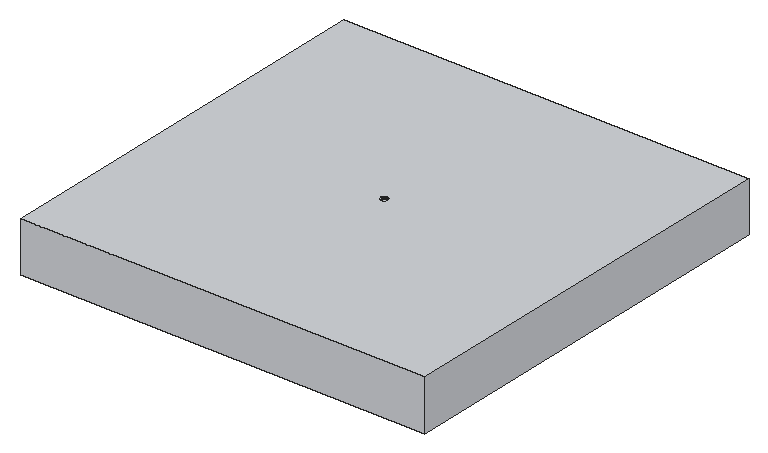
Revit family "Legrand_Hotel_UX_TOUCH_Motion_Sensor", category Equipement électrique, Revit 2020
Family settings
  Hôte = Face
  Configuration du panneau = Deux colonnes, circuits au sein
  Cote de connecteur circulaire = Utiliser le diamètre
  Type d'élément = Tableau de raccordement
  Couper avec des vides une fois chargée = Non
  Partagée = Non
  Point de calcul de pièce = Non
Parameters (values of type "Motion Sensor")
  Zone de détection [instance] = no
  Voltage type = "DC"
  URL = "http://www.legrandoc.com/048778"
  Temperature MIN-MAX (°C) = "-5-45"
  Suitable for wireless transmission = no
  Substation input = no
  Sensor type = "Passive infrared"
  Response value sensitivity adjustable = no
  Response value luminosity adjustable = no
  Remote operation = no
  RAL-number (akin) = 9003
  Overall width = 38 mm
  Overall height = 38 mm
  Optimum mounting height = 2.5 mm
  Nominal voltage (V) = 12
  Mounting method = "Flush mounted (plaster)"
  Modèle = "048778"
  Model = "Movement sensor"
  Max. switching power = "0,3"
  Material = LEGRAND -  White plastic
  built-in parameter 1140140 [instance] = 1 (stored number, unit not read)
  HVAC-control = no
  General Conditions of Use = "https://export.legrand.com/en/terms-of-use-BIM-objects"
  Forced switch off = no
  Fabricant = "Legrand"
  Etiquette [instance] = no
  Elévation par défaut = 2500 mm
  Dim function with dimmer basic element = no
  Diameter detection range on floor = 5 mm
  Description = "Movement detector"
  Degree of protection (IP) = "IP42"
  built-in parameter 1140142 [instance] = -1
  Constant light control = no
  Colour = "white"
  built-in parameter 1155100 [instance] = -1
  Alarm function = no
Reference planes
  plane 1 "Centre (avant/arrière)": y = 0
  plane 2: z = 0
  plane 3 "Centre (gauche/droite)": x = 0
Forms (mm)
  Extrusion 1, solid
    sketch origin (0, 0, 0) x (1, 0, 0) y (0, 1, 0)
      loop
        line (-1219.2, 1219.2) -> (-1219.2, -1219.2) -> (1219.2, -1219.2) -> (1219.2, 1219.2) -> (-1219.2, 1219.2)
    from 0 to -304.8
Dimensions and locks
  aligned and locked: plane 2 to Extrusion 1
  aligned and locked: level to Extrusion 1
Nested families
  nested 1: "Détecteur de mouvement" at (0, 0, 0), type "Détecteur de mouvement"
  nested 2: "Zone de détection" at (0, 0, 0), visible <- "Zone de détection", type "Zone de détection"
  nested 3: "Etiquette de zone" at (0, 2449.552, 0), visible <- "Etiquette", type "Etiquette de zone Présence"
Connectors
  electrical at (-0.015, 0.015, 0)
    settings: on nested 1, index 1, voltage 0 V, apparent load 0 VA, apparent load phase1 0 VA, apparent load phase2 0 VA, apparent load phase3 0 VA, power factor 1, load classification "Autre", number of poles 1, system type 30, power factor state 1, is connector primary yes, connector utility no, sub classification motor no, connector description ""
Definition of nested family "Détecteur de mouvement"
  Parameters (values of type "Détecteur de mouvement")
    Matériau = none
    built-in parameter 1140140 [instance] = 1 (stored number, unit not read)
    Default Elevation = 0 mm
    built-in parameter 1140142 [instance] = -1
    built-in parameter 1155100 [instance] = -1
  Reference planes
    plane 1 "Centre (avant/arrière)": y = 0
    plane 2: z = 0
    plane 3 "Centre (gauche/droite)": x = 0
    plane 4: z = 0
    plane 5: y = 12
    plane 6: y = -12
    plane 7: y = 7.7
    plane 8: y = -8.471
    plane 9: z = -23.5
    plane 10: z = -47
    plane 11: z = 3.3
    plane 12: z = -24.1
  Forms (mm)
    Extrusion 1, void
      sketch origin (0, 0, 0) x (1, 0, 0) y (0, 0, 1)
        loop
          line (8.471, 0) -> (8.471, -47) -> (15, -47) -> (15, 0) -> (8.471, 0)
      from -8.5 to 8.471
    Revolve 2, solid, material <- "Matériau"
      sketch origin (1.358, 0.055, -73.338) x (0, 0, 1) y (-1, 0, 0)
        loop
          arc (73.338, -17.645) -> (74.045, -17.352) -> (74.338, -16.645) r 1
          line (74.338, -16.645) -> (74.338, 1.358) -> (73.338, 1.358) -> (73.338, -17.645)
        axis (73.338, 1.358) -> (74.338, 1.358)
      angle from 0 to 360
    Revolve 3, solid
      sketch origin (1.358, 0.055, -81.438) x (0, 0, 1) y (-1, 0, 0)
        loop
          line (82.438, 1.358) -> (82.438, -3.492) -> (83.238, -3.492)
          arc (83.238, -3.492) -> (84.354, -1.181) -> (84.738, 1.358) r 8.591
          line (84.738, 1.358) -> (82.438, 1.358)
        axis (82.438, 1.358) -> (84.738, 1.358)
      angle from 0 to 360
    Extrusion 4, solid, material <- "Matériau"
      sketch origin (0, 0, 0) x (1, 0, 0) y (0, 1, 0)
        loop
          circle (0, 0) r 12
      from 0 to -47
    Extrusion 5, void
      sketch origin (0, 0, 0) x (-1, 0, 0) y (0, 0, -1)
        loop
          line (8.5, 47) -> (8.5, 0) -> (15, 0) -> (15, 47) -> (8.5, 47)
      from -8.5 to 8.471
    Extrusion 6, void
      sketch origin (0, 0, 0) x (1, 0, 0) y (0, 1, 0)
        loop
          line (-4.85, 7.7) -> (8.471, 7.7) -> (8.471, 15.336) -> (-4.85, 15.336) -> (-4.85, 7.7)
      from -24.1 to -47
  Cuts and joins
    Extrusion 1, Extrusion 5, Extrusion 6 cuts Extrusion 4
    Extrusion 5, Extrusion 6 cuts Revolve 2
  Dimensions and locks
    plane 10 to plane 4 to plane 11 = 47 mm, 3.3 mm
    plane 10 to plane 11 = 50.3 mm
    aligned and locked: level to plane 2
Definition of nested family "Zone de détection"
  Reference planes
    plane 1 "Centre (avant/arrière)": y = 0
    plane 2: z = 0
    plane 3 "Centre (gauche/droite)": x = 0
  Lines and regions (mm)
    detail lines, in view "Niveau de réf."
      curve 1: circle (0, 0, 0) r 2500 normal (0, 0, 1)
Definition of nested family "Etiquette de zone"
  Parameters (values of type "Etiquette de zone Présence")
    Etiquette de zone = "Détection 360° - Ø11m à 2.5m de hauteur"
  Types (2, lengths in mm): name | Etiquette de zone
    Etiquette de zone Présence | "Détection 360° - Ø11m à 2.5m de hauteur"
    Etiquette de zone Mouvement | "Détection 360° - Ø8m à 2.5m de hauteur"
  Reference planes
    plane 1: y = 0
    plane 2: x = 0
  Text (mm)
    label "Etiquette de zone" at (0.638, -4.46, 0), shows "Etiquette de zone"
